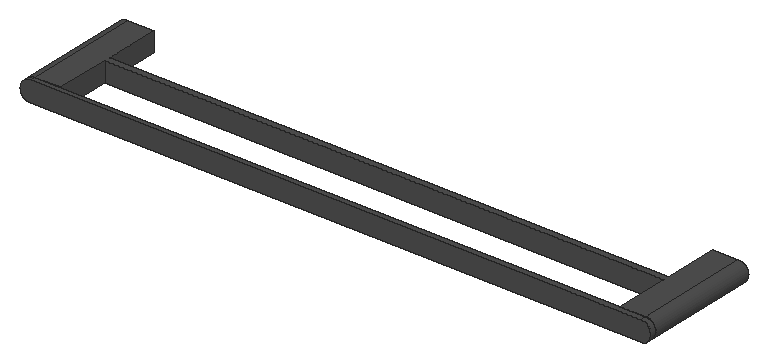
Revit family "Reece_Accessory_Mizu_Soothe_Double Towel Rail", category Plumbing Fixtures, Revit 2018
Family settings
  Round Connector Dimension = Use Diameter
  Part Type = Normal
  Work Plane-Based = Yes
  Always vertical = Yes
  Cut with Voids When Loaded = Yes
  Shared = Yes
  Room Calculation Point = Yes
Parameters (values of type "600 mm_Matte Black")
  URL = "https://www.reece.com.au/product/-2268111"
  Type Comments = "Accessory\r\n"
  Reece_Product_Web Page = "https://www.reece.com.au/product/-2268111"
  Reece_Product_Type = "Accessory\r\n"  # constant formula
  Reece_Product_Sub Brand = "Soothe\r\n"  # constant formula
  Reece_Product_Number = "2268111"
  Reece_Product_Mount = "Wall Mounted"
  Reece_Product_Description = "Mizu Soothe Double Towel Rail 600mm Matte Black"
  Reece_Product_Brand = "Mizu\r\n"  # constant formula
  Reece_Overall_Width = 620 mm
  Reece_Overall_Projection = 120 mm  # constant formula
  Reece_Overall_Height = 20 mm  # constant formula
  Reece_Material_Main = Reece_Brass_Matte Black
  Reece_Height_From_Level [instance] = 1000 mm
  Reece_Fixing_Point_Width = 585 mm
  Reece_Detail_Shape = ""
  Reece_Detail_Installation = ""
  Reece_Detail_Disclaimer = "THIS FILE IS THE PROPERTY OF THE REECE GROUP. IT MAY NOT BE REPRODUCED, REVERSE-ENGINEERED OR MODIFIED. ANY REPUBLICATION, TRANSMISSION OR DISTRIBUTION FOR THE PURPOSE OF COMMERCIALLY EXPLOITING THE FILES IS PROHIBITED."  # constant formula
  Reece_Detail_Connector = ""  # constant formula
  Reece_Detail_Additional = "Double Towel Rail\r\n"  # constant formula
  Model = "Soothe\r\n"
  Manufacturer = "Mizu\r\n"
  Keynote = "Product #2268111, Reece_Accessory_Mizu_Soothe_Double Towel Rail - 600 mm_Matte Black"
  Disclaimer = "THIS FILE IS THE PROPERTY OF THE REECE GROUP. IT MAY NOT BE REPRODUCED, REVERSE-ENGINEERED OR MODIFIED. ANY REPUBLICATION, TRANSMISSION OR DISTRIBUTION FOR THE PURPOSE OF COMMERCIALLY EXPLOITING THE FILES IS PROHIBITED."  # constant formula
  Description = "Mizu Soothe Double Towel Rail 600mm Matte Black"
  Default Elevation = 0 mm
Types (7, lengths in mm): name | URL | Reece_Product_Web Page | Reece_Product_Number | Reece_Product_Description | Reece_Overall_Width | Reece_Material_Main | Reece_Fixing_Point_Width | Keynote | Description
  (no name) | "https://www.reece.com.au/product/-9504045" | "https://www.reece.com.au/product/-9504045" | "9504045" | "Mizu Soothe Double Towel Rail 600mm Chrome" | 620 | Reece_Brass_Chrome | 585 | "Product #9504045, Reece_Accessory_Mizu_Soothe_Double Towel Rail -  " | "Mizu Soothe Double Towel Rail 600mm Chrome"
  600 mm_Chrome | "https://www.reece.com.au/product/-9504045" | "https://www.reece.com.au/product/-9504045" | "9504045" | "Mizu Soothe Double Towel Rail 600mm Chrome" | 620 | Reece_Brass_Chrome | 585 | "Product #9504045, Reece_Accessory_Mizu_Soothe_Double Towel Rail - 600 mm_Chrome" | "Mizu Soothe Double Towel Rail 600mm Chrome"
  750 mm_Chrome | "https://www.reece.com.au/product/-9504047" | "https://www.reece.com.au/product/-9504047" | "9504047" | "Mizu Soothe Double Towel Rail 750mm Chrome" | 770 | Reece_Brass_Chrome | 735 | "Product #9504047, Reece_Accessory_Mizu_Soothe_Double Towel Rail - 750 mm_Chrome" | "Mizu Soothe Double Towel Rail 750mm Chrome"
  600 mm_Matte Black | "https://www.reece.com.au/product/-2268111" | "https://www.reece.com.au/product/-2268111" | "2268111" | "Mizu Soothe Double Towel Rail 600mm Matte Black" | 620 | Reece_Brass_Matte Black | 585 | "Product #2268111, Reece_Accessory_Mizu_Soothe_Double Towel Rail - 600 mm_Matte Black" | "Mizu Soothe Double Towel Rail 600mm Matte Black"
  750 mm_Matte Black | "https://www.reece.com.au/product/-2268112" | "https://www.reece.com.au/product/-2268112" | "2268112" | "Mizu Soothe Double Towel Rail 750mm Matte Black" | 770 | Reece_Brass_Matte Black | 735 | "Product #2268112, Reece_Accessory_Mizu_Soothe_Double Towel Rail - 750 mm_Matte Black" | "Mizu Soothe Double Towel Rail 750mm Matte Black"
  900 mm_Chrome | "https://www.reece.com.au/product/-9504049" | "https://www.reece.com.au/product/-9504049" | "9504049" | "Mizu Soothe Double Towel Rail 900mm Chrome" | 900 | Reece_Brass_Chrome | 865 | "Product #9504049, Reece_Accessory_Mizu_Soothe_Double Towel Rail - 900 mm_Chrome" | "Mizu Soothe Double Towel Rail 900mm Chrome"
  900 mm_Matte Black | "https://www.reece.com.au/product/-2268113" | "https://www.reece.com.au/product/-2268113" | "2268113" | "Mizu Soothe Double Towel Rail 900mm Matte Black" | 900 | Reece_Brass_Matte Black | 865 | "Product #2268113, Reece_Accessory_Mizu_Soothe_Double Towel Rail - 900 mm_Matte Black" | "Mizu Soothe Double Towel Rail 900mm Matte Black"
Reference planes
  plane 1 "Center (Front/Back)": y = 0
  plane 2 "Bottom Host Plane": z = -5
  plane 3 "Center (Left/Right)": x = 0
  plane 4: x = -292.5
  plane 5: x = 292.5
  plane 6: x = -310
  plane 7: x = 310
  plane 8: y = -120
  plane 9 "Height From Floor": z = 1000
  plane 10: z = 1010
  plane 11: z = 990
  plane 12: x = -275
  plane 13: y = -57.054
  plane 14: x = 300.027
Forms (mm)
  Sweep 1, solid, material "Reece_Brass_Matte Black" <- "Reece_Material_Main"
    path origin (0, 0, 1000) x (1, 0, 0) y (0, 1, 0)
      loop
        line (-292.5, 0) -> (-292.5, -114.108)
    profile origin (-292.5, -57.054, 1000) x (1, 0, 0) y (0, 0, 1)
      loop
        line (17.5, 10) -> (-7.527, 10)
        arc (-7.527, 10) -> (-17.527, 0) -> (-7.527, -10) r 10
        line (-7.527, -10) -> (17.5, -10) -> (17.5, 10)
  Sweep 2, solid, material "Reece_Brass_Matte Black" <- "Reece_Material_Main"
    path origin (0, 0, 1000) x (-1, 0, 0) y (0, 1, 0)
      loop
        line (-292.5, 0) -> (-292.5, -114.108)
    profile origin (292.5, -57.054, 1000) x (1, 0, 0) y (0, 0, 1)
      loop
        line (-17.5, 10) -> (-17.5, -10) -> (7.527, -10)
        arc (7.527, -10) -> (17.527, 0) -> (7.527, 10) r 10
        line (7.527, 10) -> (-17.5, 10)
  Extrusion 3, solid, material "Reece_Brass_Matte Black" <- "Reece_Material_Main"
    sketch origin (-292.5, -114.108, 1000) x (0, 0, 1) y (-1, 0, 0)
      loop
        arc (10, 7.527) -> (0, 17.527) -> (-10, 7.527) r 10
        line (-10, 7.527) -> (-10, -592.527)
        arc (-10, -592.527) -> (0, -602.527) -> (10, -592.527) r 10
        line (10, -592.527) -> (10, 7.527)
    from 0 to 5.892
  Extrusion 4, solid, material "Reece_Brass_Matte Black" <- "Reece_Material_Main"
    sketch origin (0, 0, 1000) x (1, 0, 0) y (0, 1, 0)
      loop
        line (-292.5, -54.108) -> (-292.5, -60.121) -> (292.5, -60.121) -> (292.5, -54.108) -> (-292.5, -54.108)
    from -10 to 10
Cuts and joins
  joined: Sweep 1, Sweep 2, Extrusion 4
Lines and regions (mm)
  model lines, style "InvisibleLines"
    curve 1: line (0, 0, -5) -> (0, 0, 1000)
Text (mm)
  text "Reece ©" at (2654.319, -2198.151, 3164.342), in view "Reece Preview"
Dimensions and locks
  "Reece_Fixing_Point_Width": plane 4 to plane 5
  "Reece_Overall_Width": plane 6 to plane 7
  plane 8 to plane 1 "Center (Front/Back)" = 120 mm
  locked: plane 2 "Bottom Host Plane" to level at 5
  "Reece_Overall_Projection": plane 1 "Center (Front/Back)" to plane 8
  plane 10 to plane 11 = 20 mm
  "Reece_Height_From_Level": plane 9 "Height From Floor" to level
  locked: plane 6 to plane 4 at 17.5
  plane 5 to plane 7 = 17.5 mm
  equal spacing: plane 6, plane 3 "Center (Left/Right)", plane 7
  plane 9 "Height From Floor" to level = 1000 mm  (x2)
  locked: plane 14 to plane 7 at 9.973
  "Reece_Overall_Height": plane 11 to plane 10
  plane 7 to plane 6 = 620 mm
  plane 5 to plane 4 = 585 mm
  plane 6 to plane 7 = 620 mm
  plane 4 to plane 5 = 585 mm
  equal spacing: plane 10, plane 9 "Height From Floor", plane 11
  aligned and locked: plane 4 to Sweep 1 sketch curve
  aligned and locked: plane 14 to Extrusion 3 sketch curve  (x2)
  aligned and locked: plane 9 "Height From Floor" to curve 1
  aligned and locked: plane 3 "Center (Left/Right)" to curve 1
  aligned and locked: plane 2 "Bottom Host Plane" to curve 1
Automatic sketch dimensions
  plane 1 "Center (Front/Back)" to Sweep 1 sketch curve = 0 mm
  plane 8 to Sweep 1 sketch curve = 5.892 mm
  Sweep 1 sketch curve to plane 9 "Height From Floor" = 0 mm
  profile plane to Sweep 1 sketch curve = 7.527 mm
  Sweep 1 sketch curve to profile plane = 17.5 mm
  Sweep 1 sketch curve to plane 9 "Height From Floor" = 10 mm
  Sweep 2 sketch curve to plane 5 = 0 mm
  plane 1 "Center (Front/Back)" to Sweep 2 sketch curve = 0 mm
  Sweep 2 sketch curve to plane 8 = 5.892 mm
  Sweep 2 sketch curve to plane 9 "Height From Floor" = 0 mm
  profile plane to Sweep 2 sketch curve = 17.5 mm
  Sweep 2 sketch curve to profile plane = 7.527 mm
  Sweep 2 sketch curve to plane 9 "Height From Floor" = 10 mm
  Extrusion 4 sketch curve to plane 4 = 0 mm
  Extrusion 4 sketch curve to plane 5 = 0 mm
  plane 13 to Extrusion 4 sketch curve = 3.067 mm
  Extrusion 4 sketch curve to plane 13 = 2.945 mm
  Extrusion 3 sketch curve to Sweep 1 = 0 mm  (x2)
  Extrusion 3 sketch curve to Sweep 1 = 25.027 mm
